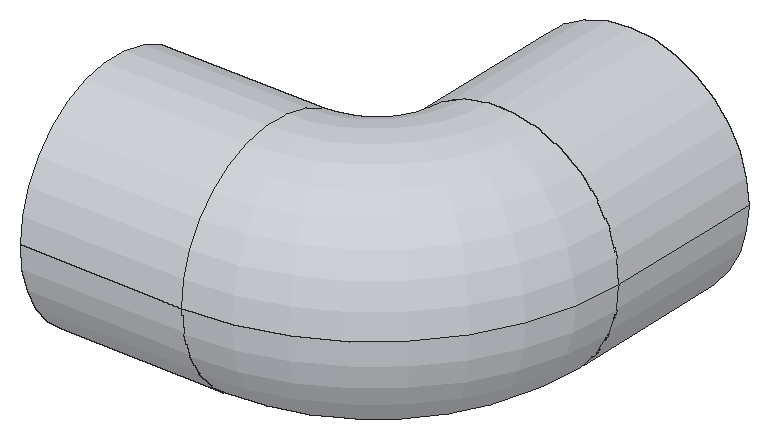
Revit family "M_Cotovelo - PVC - Sch 40", category Conexões de tubo, Revit 2019
Family settings
  Cota do conector redondo = Usar raio
  Tipo de parte = Cotovelo
  Número OmniClass = 23.60.30.11.14
  Título OmniClass = Pipework Fittings
  ID de item do Seek = Elbow - PVC - Sch 40-0000-CAN-ENU
  Com base no plano de trabalho = Não
  Sempre na vertical = Sim
  Corte com vazios quando carregada = Não
  Compartilhado = Não
Parameters (values of type "Padrão")
  Tamanho da marca de revisão [instance] = Diâmetro externo do soquete * 0.4  # 11.115 mm
  Raio externo do soquete [instance] = Diâmetro externo do soquete / 2  # 13.894 mm
  Comprimento externo do soquete não encontrado [instance] = if(Ângulo 1 > 45.00°, 1.11 * Diâmetro nominal + 13.692 mm, 1.11 * Diâmetro nominal + 14.188 mm)  # 30.342 mm
  Diâmetro externo do soquete [instance] = size_lookup(Nome da tabela de pesquisa, "SOD", Comprimento externo do soquete não encontrado, Diâmetro nominal, Ângulo 1)  # 27.788 mm
  Comprimento do soquete não encontrado [instance] = if(Ângulo 1 > 45.00°, 0.45 * Diâmetro nominal + 12.998 mm, 0.49 * Diâmetro nominal + 12.7 mm)  # 19.748 mm
  Método de perda = Coeficiente K da tabela
  Nome da tabela de pesquisa = "M_Elbow - PVC - Sch 40"
  Comprimento 1 [instance] = (Diâmetro externo do soquete / 2 + 0.794 mm) * tan(Ângulo / 2) + Comprimento do soquete  # 33.738 mm
  Raio nominal [instance] = 7.5 mm
  Diâmetro nominal [instance] = Raio nominal * 2  # 15 mm
  Tabela de coeficiente K = "Cotovelo regular 45, 90 e 180"
  Centro ao final não encontrado [instance] = if(Ângulo 1 > 45.00°, 1 * Diâmetro nominal + 17.76 mm, 0.76 * Diâmetro nominal + 15.478 mm)  # 32.76 mm
  Legenda do centro ao final [instance] = if(Centro ao final > Diâmetro externo do soquete / 2 * tan(Ângulo / 2) + Comprimento do soquete, Centro ao final, Comprimento 1)  # 33.738 mm
  Centro ao final [instance] = size_lookup(Nome da tabela de pesquisa, "CtE", Centro ao final não encontrado, Diâmetro nominal, Ângulo 1)  # 31.75 mm
  Raio do centro [instance] = (Legenda do centro ao final - Comprimento do soquete) / tan(Ângulo / 2)  # 14.688 mm
  Comprimento do soquete [instance] = size_lookup(Nome da tabela de pesquisa, "SLgt", Comprimento do soquete não encontrado, Diâmetro nominal, Ângulo 1)  # 19.05 mm
  Assembly Code = ""
  Ângulo 1 [instance] = if(Ângulo > 45.00°, 90.00°, 45.00°)  # 90.00°
  Ângulo [instance] = 90.00°
Reference planes
  plane 1 "Centro (Frente/Trás)": y = 0
  plane 2: z = 0
  plane 3 "Centro (Esquerda/Direita)": x = 0
  plane 4: x = -33.738
  plane 5: x = -14.688
  plane 6: y = 11.115
  plane 7: y = -11.115
  plane 8: y = 14.688
Forms (mm)
  Sweep 1, solid, detail levels fine
    path in 3D
      loop
        line (-33.738, 0, 0) -> (-14.688, 0, 0)
        arc (-14.688, 0, 0) -> (-4.302, 4.302, 0) -> (0, 14.688, 0) r 14.688
        line (0, 14.688, 0) -> (0, 33.738, 0)
    profile origin (-24.213, 0, 0) x (0, 1, 0) y (0, 0, 1)
      loop
        circle (0, 0) r 13.894
Lines and regions (mm)
  model lines, detail levels coarse+medium
    curve 1: line (-33.738, 11.115, 0) -> (-33.738, -11.115, 0)
    curve 2: arc (-14.688, 0, 0) -> (-4.302, 4.302, 0) -> (0, 14.688, 0) r 14.688
    curve 3: line (-33.738, 0, 0) -> (-14.688, 0, 0)
    curve 7: line (0, 14.688, 0) -> (0, 33.738, 0)
    curve 13: line (-11.115, 33.738, 0) -> (11.115, 33.738, 0)
  sketch lines
    curve 4: line (-33.738, 0, 0) -> (-14.688, 0, 0)
    curve 5: arc (-14.688, 0, 0) -> (-4.302, 4.302, 0) -> (0, 14.688, 0) r 14.688
    curve 10: line (0, 14.688, 0) -> (0, 33.738, 0)
  reference lines
    curve 6: line (0, 0, 0) -> (0, 44.45, 0)
    curve 8: line (0, 0, 0) -> (29.041, 0, 0)
    curve 9: line (-11.115, 33.738, 0) -> (51.499, 33.738, 0)
    curve 11: line (-11.115, 9.33, 0) -> (-11.115, 47.43, 0)
    curve 12: line (11.115, 21.808, 0) -> (11.115, 87.453, 0)
    curve 14: line (-14.688, 14.688, 0) -> (36.112, 14.688, 0)
Dimensions and locks
  "Legenda do centro ao final": plane 4 to plane 3 "Centro (Esquerda/Direita)"
  "Comprimento do soquete": plane 4 to plane 5
  equal spacing: plane 6, plane 1 "Centro (Frente/Trás)", plane 7
  "Tamanho da marca de revisão": plane 6 to plane 1 "Centro (Frente/Trás)"
  "Raio do centro": plane 8 to plane 1 "Centro (Frente/Trás)"
  "Legenda do centro ao final": curve 8 to curve 9
  "Tamanho da marca de revisão": curve 6 to curve 11
  "Tamanho da marca de revisão": curve 12 to curve 6
  "Raio do centro": radius of curve 2
  "Raio externo do soquete": radius of Sweep 1 sketch curve
  "Ângulo": angle curve 2 to curve 2
  "Ângulo": angle plane 1 "Centro (Frente/Trás)" to curve 6
  locked: curve 8 to curve 6 (angle 90.00°)
  locked: curve 9 to curve 11 (angle 90.00°)
  locked: curve 9 to curve 12 (angle 90.00°)
  "Ângulo": angle plane 5 to curve 14
  aligned and locked: plane 6 to curve 1
  aligned and locked: plane 7 to curve 1
  aligned and locked: curve 1 to plane 4
  aligned and locked: plane 8 to curve 2
  aligned and locked: plane 5 to curve 2
  aligned and locked: plane 4 to curve 3
  aligned and locked: plane 5 to curve 3
  aligned and locked: plane 1 "Centro (Frente/Trás)" to curve 3
  aligned and locked: plane 1 "Centro (Frente/Trás)" to curve 6
  aligned and locked: plane 3 "Centro (Esquerda/Direita)" to curve 6
  aligned and locked: plane 1 "Centro (Frente/Trás)" to curve 8
  aligned and locked: plane 3 "Centro (Esquerda/Direita)" to curve 8
  aligned and locked: curve 9 to curve 7
  aligned and locked: curve 6 to curve 7
  aligned and locked: curve 12 to curve 13
  aligned and locked: curve 11 to curve 13
  aligned and locked: curve 13 to curve 9
  aligned and locked: plane 8 to curve 14
  aligned and locked: plane 5 to curve 14
  aligned and locked: curve 14 to curve 7
Automatic sketch dimensions
  Sweep 1 sketch curve to profile plane = 0 mm  (x2)
  curve 6 to curve 11 = 9.33 mm
  curve 14 to curve 12 = 7.121 mm
Connectors
  piping at (-33.738, 0, 0), diameter 15, driven by "Raio nominal", driven by "Ângulo"
    settings: on Sweep 1, index 1, connector inside diameter 15 mm, connector length 0 mm, flow factor 0, pipe flow 0.0 L/s, pressure drop 0.0 Pa, fitting loss kfactor 0, connector angle 90.00°, fixture units 0, engagement length 0 mm, angle of deflection 0.00°, flow configuration 0, flow direction 0, fitting loss method 0, system type 28, joint type 0, gender type 0, connector reference index 2, connector utility 0, adjustable connector no, is connector primary yes, connector description ""
  piping at (0, 33.738, 0), diameter 15, driven by "Raio nominal", driven by "Ângulo"
    settings: on Sweep 1, index 2, connector inside diameter 15 mm, connector length 0 mm, flow factor 0, pipe flow 0.0 L/s, pressure drop 0.0 Pa, fitting loss kfactor 0, connector angle 90.00°, fixture units 0, engagement length 0 mm, angle of deflection 0.00°, flow configuration 0, flow direction 0, fitting loss method 0, system type 28, joint type 0, gender type 0, connector reference index 1, connector utility 0, adjustable connector no, is connector primary no, connector description ""
